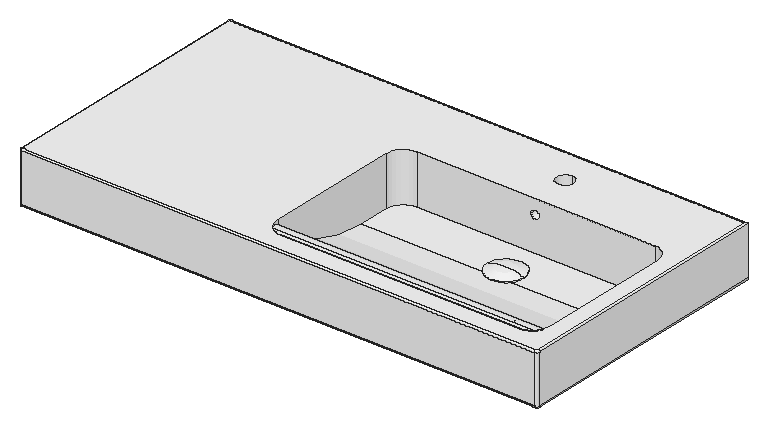
Revit family "Plum Fix_Basin_Argent_Evo_Asymmetric_900mm_RH", category Plumbing Fixtures, Revit 2016
Family settings
  Part Type = Normal
  Round Connector Dimension = Use Diameter
  OmniClass Number = 23.45.05.14.14
  OmniClass Title = Sinks/Lavatories
  Work Plane-Based = No
  Always vertical = Yes
  Cut with Voids When Loaded = Yes
  Shared = No
  Room Calculation Point = No
Parameters (values of type "1 Tap Hole - RH")
  Waste Connection = yes
  WFU = 0
  Vent Connection = no
  Uniclass2015Version = "Products v1.13"
  Uniclass2015Title = "Sinks"
  Uniclass2015Code = "Pr_40_20_96_81"
  URL = "https://www.argentaust.com.au/"
  Type Comments = "1 Tap Hole"
  ModifiedIssue_ANZRS = 20191125
  Model = "EV37MUL01"  # constant formula
  Manufacturer_URL__Product Specific = "https://www.argentaust.com.au/argent-basins-counter-top-wall-mounted-evo-900-asymmetric-basin-right?item=10738"
  Manufacturer_Spec Code = Model  # "EV37MUL01"
  Manufacturer_Overall Width = 905 mm  # constant formula
  Manufacturer_Overall Height = 90 mm  # constant formula
  Manufacturer_Overall Depth = 460 mm  # constant formula
  Manufacturer_Height From FFL [instance] = 900 mm
  Manufacturer = "Argent"  # constant formula
  Keynote = ""
  IfcExportType = "SINK"
  IfcExportAs = "IfcSanitaryTerminalType"
  HWFU = 0
  HW Connection = no
  CreatedBy_ANZRS = "IGS BIM Solutions"  # constant formula
  CreatedByURL_ANZRS = "https://igsgroup.com.au"
  Description = "Evo 900mm asymmetric basin"  # constant formula
  Cost = 0
  CWFU = 0
  CW Connection = no
  Body Material = z_Argent_Ceramic White
  Assembly Code = ""
Reference planes
  plane 1 "Center (Front/Back)": y = -137.5
  plane 2 "Ref. Level": z = 0
  plane 3 "Front": y = -367.5
  plane 4 "Back": y = 92.5
  plane 5 "Right": x = -1.98
  plane 6 "Left": x = -906.98
  plane 7 "Top": z = 990
  plane 8 "Bottom": z = 900
  plane 9 "Center (Left/Right)": x = -454.48
  plane 10 "Drain Top": z = 912.5
Forms (mm)
  Sweep 1, solid, material "z_Argent_Ceramic White" <- "Body Material"
    path origin (0, 0, 990) x (0, -1, 0) y (1, 0, 0)
      loop
        line (-92.5, -906.98) -> (362.5, -906.98)
        arc (362.5, -906.98) -> (366.036, -905.516) -> (367.5, -901.98) r 5
        line (367.5, -901.98) -> (367.5, -6.98)
        arc (367.5, -6.98) -> (366.036, -3.444) -> (362.5, -1.98) r 5
        line (362.5, -1.98) -> (-92.5, -1.98) -> (-92.5, -906.98)
    profile origin (-454.48, 92.5, 990) x (0, 1, 0) y (0, 0, 1)
      loop
        line (-3, 0) -> (-4, 0) -> (-4, -90) -> (-3, -90)
        arc (-3, -90) -> (-0.879, -89.121) -> (0, -87) r 3
        line (0, -87) -> (0, -3)
        arc (0, -3) -> (-0.879, -0.879) -> (-3, 0) r 3
  Extrusion 2, solid, material "z_Argent_Ceramic White" <- "Body Material"
    sketch origin (0, 0, 990) x (0, -1, 0) y (1, 0, 0)
      loop
        line (363.5, -901.98) -> (363.5, -6.98)
        arc (363.5, -6.98) -> (363.207, -6.273) -> (362.5, -5.98) r 1
        line (362.5, -5.98) -> (-88.5, -5.98) -> (-88.5, -902.98) -> (362.5, -902.98)
        arc (362.5, -902.98) -> (363.207, -902.687) -> (363.5, -901.98) r 1
      loop
        line (37.5, -61.98) -> (37.5, -476.98)
        arc (37.5, -476.98) -> (46.287, -498.193) -> (67.5, -506.98) r 30
        line (67.5, -506.98) -> (302.5, -506.98)
        arc (302.5, -506.98) -> (323.713, -498.193) -> (332.5, -476.98) r 30
        line (332.5, -476.98) -> (332.5, -61.98)
        arc (332.5, -61.98) -> (323.713, -40.767) -> (302.5, -31.98) r 30
        line (302.5, -31.98) -> (67.5, -31.98)
        arc (67.5, -31.98) -> (46.287, -40.767) -> (37.5, -61.98) r 30
    from 0 to -90
  Extrusion 3, solid, material "z_Argent_Ceramic White" <- "Body Material"
    sketch origin (-906.98, 0, 90) x (0, 1, 0) y (0, 0, -1)
      loop
        line (-37.5, -810) -> (-121.5, -810)
        arc (-121.5, -810) -> (-220.797, -830.148) -> (-304.389, -887.404) r 254.764
        arc (-304.389, -887.404) -> (-312.591, -893.023) -> (-322.335, -895) r 25
        line (-322.335, -895) -> (-332.5, -895) -> (-332.5, -900) -> (-322.93, -900)
        arc (-322.93, -900) -> (-311.266, -897.64) -> (-301.438, -890.931) r 30
        arc (-301.438, -890.931) -> (-219.151, -834.76) -> (-121.5, -815) r 251.17
        line (-121.5, -815) -> (-37.5, -815) -> (-37.5, -810)
    from -875 to -400
  Extrusion 4, void
    sketch origin (0, 0, 990) x (0, -1, 0) y (1, 0, 0)
      loop
        line (332.5, -61.98) -> (332.5, -31.98) -> (302.5, -31.98)
        arc (302.5, -31.98) -> (323.713, -40.767) -> (332.5, -61.98) r 30
    from 0 to -5
  Extrusion 5, void
    sketch origin (0, 0, 990) x (0, -1, 0) y (1, 0, 0)
      loop
        arc (332.5, -476.98) -> (323.713, -498.193) -> (302.5, -506.98) r 30
        line (302.5, -506.98) -> (332.5, -506.98) -> (332.5, -476.98)
    from 0 to -5
  Extrusion 6, void
    sketch origin (0, 0, 990) x (0, -1, 0) y (1, 0, 0)
      loop
        circle (102.5, -269.48) r 16
    from -72.59 to -102.005
  Extrusion 7, void
    sketch origin (0, 0, 990) x (0, -1, 0) y (1, 0, 0)
      loop
        circle (-27.5, -269.48) r 15
    from 0 to -90
  Extrusion 8, void
    sketch origin (0, 0, 990) x (0, -1, 0) y (1, 0, 0)
      loop
        line (-92.5, -906.98) -> (362.5, -906.98)
        arc (362.5, -906.98) -> (366.036, -905.516) -> (367.5, -901.98) r 5
        line (367.5, -901.98) -> (367.5, -6.98)
        arc (367.5, -6.98) -> (366.036, -3.444) -> (362.5, -1.98) r 5
        line (362.5, -1.98) -> (-92.5, -1.98) -> (-92.5, -906.98)
    from 0 to -90
  Extrusion 9, void
    sketch origin (0, -367.5, 90) x (-1, 0, 0) y (0, 0, -1)
      loop
        circle (269.48, -875) r 7.5
    from -386.554 to -330
Cuts and joins
  Extrusion 4, Extrusion 5, Extrusion 7 cuts Sweep 1
  Extrusion 6, Extrusion 7, Extrusion 9 cuts Extrusion 2
  joined: Sweep 1, Extrusion 2
  Extrusion 4, Extrusion 5, Extrusion 6 cuts Extrusion 3
Lines and regions (mm)
  Masking region 1
    outline origin (0, 0, 990) x (0, -1, 0) y (1, 0, 0)
      loop
        line (-92.5, -906.98) -> (362.5, -906.98)
        arc (362.5, -906.98) -> (366.036, -905.516) -> (367.5, -901.98) r 5
        line (367.5, -901.98) -> (367.5, -6.98)
        arc (367.5, -6.98) -> (366.036, -3.444) -> (362.5, -1.98) r 5
        line (362.5, -1.98) -> (-92.5, -1.98) -> (-92.5, -906.98)
  Masking region 2
    outline origin (-1.98, 0, 0) x (0, 1, 0) y (0, 0, 1)
      loop
        arc (-364.5, 990) -> (-366.621, 989.121) -> (-367.5, 987) r 3
        line (-367.5, 987) -> (-367.5, 903)
        arc (-367.5, 903) -> (-366.621, 900.879) -> (-364.5, 900) r 3
        line (-364.5, 900) -> (89.5, 900)
        arc (89.5, 900) -> (91.621, 900.879) -> (92.5, 903) r 3
        line (92.5, 903) -> (92.5, 987)
        arc (92.5, 987) -> (91.621, 989.121) -> (89.5, 990) r 3
        line (89.5, 990) -> (-364.5, 990)
  Masking region 3
    outline origin (0, -367.5, 90) x (-1, 0, 0) y (0, 0, 1)
      loop
        line (903.98, 900) -> (4.98, 900)
        arc (4.98, 900) -> (2.859, 899.121) -> (1.98, 897) r 3
        line (1.98, 897) -> (1.98, 813)
        arc (1.98, 813) -> (2.859, 810.879) -> (4.98, 810) r 3
        line (4.98, 810) -> (903.98, 810)
        arc (903.98, 810) -> (906.101, 810.879) -> (906.98, 813) r 3
        line (906.98, 813) -> (906.98, 897)
        arc (906.98, 897) -> (906.101, 899.121) -> (903.98, 900) r 3
  symbolic lines, detail levels fine
    curve 1: arc (-1.98, -137.5, 903) -> (-2.859, -137.5, 900.879) -> (-4.98, -137.5, 900) r 3
    curve 2: arc (-903.98, -137.5, 900) -> (-906.101, -137.5, 900.879) -> (-906.98, -137.5, 903) r 3
  symbolic lines, style "Basins/Sinks/Tubs", detail levels medium+fine
    curve 3: line (-61.98, -37.5, 990) -> (-476.98, -37.5, 990)
    curve 4: arc (-476.98, -37.5, 990) -> (-498.193, -46.287, 990) -> (-506.98, -67.5, 990) r 30
    curve 5: line (-506.98, -67.5, 990) -> (-506.98, -302.5, 990)
    curve 6: arc (-506.98, -302.5, 990) -> (-498.193, -323.713, 990) -> (-476.98, -332.5, 990) r 30
    curve 7: line (-476.98, -332.5, 990) -> (-61.98, -332.5, 990)
    curve 8: arc (-61.98, -332.5, 990) -> (-40.767, -323.713, 990) -> (-31.98, -302.5, 990) r 30
    curve 9: line (-31.98, -302.5, 990) -> (-31.98, -67.5, 990)
    curve 10: arc (-31.98, -67.5, 990) -> (-40.767, -46.287, 990) -> (-61.98, -37.5, 990) r 30
    curve 11: circle (-269.48, 27.5, 990) r 15 normal (0, 0, 1)
  symbolic lines, style "Basins/Sinks/Tubs", detail levels fine
    curve 12: circle (-269.48, -102.5, 990) r 31.83 normal (0, 0, -1)
Text (mm)
  text "Disclaimer:\n\nDue to ongoing product development and manufacturing evolution, product details are subject to change without notice. Please refer to product technical data sheets on the manufacturer’s website for the most current product information. Please allow a +/- 5mm manufacturing tolerance for dimensions and set-outs shown in product literature." at (80.42, 18.661, 0), in view "Ref. Level_Instruction"
Dimensions and locks
  equal spacing: plane 3 "Front", plane 1 "Center (Front/Back)", plane 4 "Back"
  "Manufacturer_Overall Depth": plane 3 "Front" to plane 4 "Back"
  "Manufacturer_Height From FFL": plane 8 "Bottom" to plane 2 "Ref. Level"
  "Manufacturer_Overall Height": plane 7 "Top" to plane 8 "Bottom"
  "Manufacturer_Overall Width": plane 6 "Left" to plane 5 "Right"
  equal spacing: plane 6 "Left", plane 9 "Center (Left/Right)", plane 5 "Right"
  locked: plane 10 "Drain Top" to plane 8 "Bottom" at 12.5
  aligned and locked: plane 4 "Back" to Sweep 1 sketch curve
  aligned and locked: plane 6 "Left" to Sweep 1 sketch curve
  aligned and locked: Sweep 1 sketch curve to plane 3 "Front"
  aligned and locked: Sweep 1 sketch curve to plane 5 "Right"
  aligned and locked: profile plane to Sweep 1 sketch curve
  aligned and locked: Sweep 1 sketch curve to profile plane
  aligned and locked: Sweep 1 sketch curve to plane 8 "Bottom"
  aligned and locked: plane 7 "Top" to Masking region 3
  aligned and locked: Masking region 3 to plane 8 "Bottom"
  aligned and locked: nested 1 to plane 10 "Drain Top"
Automatic sketch dimensions
  curve 2 to plane 6 "Left" = 0 mm
  curve 2 to plane 8 "Bottom" = 0 mm
  curve 1 to plane 8 "Bottom" = 0 mm
  curve 1 to plane 5 "Right" = 0 mm
  plane 6 "Left" to curve 2 = 3 mm
  curve 1 to curve 1 = 3 mm
  plane 4 "Back" to curve 11 = 65 mm
  curve 3 to plane 1 "Center (Front/Back)" = 100 mm
  plane 9 "Center (Left/Right)" to curve 4 = 22.5 mm
  curve 4 to curve 4 = 30 mm
  curve 10 to curve 10 = 30 mm
  curve 12 to plane 1 "Center (Front/Back)" = 35 mm
  plane 9 "Center (Left/Right)" to curve 6 = 22.5 mm
  curve 6 to plane 3 "Front" = 65 mm
  curve 9 to curve 7 = 30 mm
  curve 11 to plane 9 "Center (Left/Right)" = 185 mm
  curve 3 to plane 5 "Right" = 60 mm
  Sweep 1 sketch curve to plane 3 "Front" = 5 mm  (x2)
  Sweep 1 sketch curve to plane 7 "Top" = 3 mm
  profile plane to Sweep 1 sketch curve = 3 mm
  Sweep 1 sketch curve to Sweep 1 sketch curve = 1 mm
  plane 4 "Back" to Extrusion 2 sketch curve = 4 mm
  plane 9 "Center (Left/Right)" to Extrusion 2 sketch curve = 22.5 mm  (x2)
  Extrusion 2 sketch curve to plane 1 "Center (Front/Back)" = 100 mm
  Extrusion 2 sketch curve to Extrusion 2 sketch curve = 30 mm  (x3)
  Extrusion 2 sketch curve to plane 3 "Front" = 65 mm
  Extrusion 2 sketch curve to plane 3 "Front" = 5 mm  (x2)
  Extrusion 2 sketch curve to Extrusion 2 sketch curve = 1 mm
  plane 6 "Left" to Extrusion 2 sketch curve = 5 mm
  Extrusion 2 sketch curve to plane 5 "Right" = 60 mm
  Extrusion 2 sketch curve to plane 5 "Right" = 5 mm
  plane 4 "Back" to Masking region 1 sketch curve = 0 mm
  Masking region 1 sketch curve to plane 6 "Left" = 0 mm
  Masking region 1 sketch curve to plane 5 "Right" = 0 mm
  plane 3 "Front" to Masking region 1 sketch curve = 0 mm
  Masking region 1 sketch curve to plane 3 "Front" = 5 mm  (x2)
  Masking region 2 sketch curve to plane 3 "Front" = 0 mm
  Masking region 2 sketch curve to plane 8 "Bottom" = 0 mm
  Masking region 2 sketch curve to plane 7 "Top" = 0 mm
  Masking region 2 sketch curve to plane 4 "Back" = 0 mm
  Masking region 2 sketch curve to plane 3 "Front" = 3 mm
  Masking region 2 sketch curve to Masking region 2 sketch curve = 3 mm
  plane 4 "Back" to Masking region 2 sketch curve = 3 mm  (x2)
  Masking region 3 sketch curve to plane 5 "Right" = 0 mm
  plane 8 "Bottom" to Masking region 3 sketch curve = 0 mm
  plane 7 "Top" to Masking region 3 sketch curve = 0 mm
  Masking region 3 sketch curve to plane 6 "Left" = 0 mm
  Masking region 3 sketch curve to plane 5 "Right" = 3 mm  (x2)
  plane 6 "Left" to Masking region 3 sketch curve = 3 mm  (x2)
  Extrusion 3 sketch curve to plane 7 "Top" = 0 mm
  Extrusion 3 sketch curve to plane 8 "Bottom" = 0 mm
  Extrusion 3 sketch curve to plane 3 "Front" = 35 mm
  Extrusion 3 sketch curve to Extrusion 3 sketch curve = 9.57 mm
  Extrusion 3 sketch curve to Extrusion 3 sketch curve = 0.594 mm
  Extrusion 3 sketch curve to plane 1 "Center (Front/Back)" = 16 mm
  Extrusion 3 sketch curve to Extrusion 3 sketch curve = 0 mm  (x2)
  plane 8 "Bottom" to Extrusion 3 sketch curve = 5 mm
  Extrusion 3 sketch curve to Extrusion 3 sketch curve = 84 mm
  plane 7 "Top" to Extrusion 3 sketch curve = 164.764 mm
  Extrusion 3 sketch curve to Extrusion 3 sketch curve = 1.406 mm
  Extrusion 3 sketch curve to Extrusion 3 sketch curve = 5 mm
  Extrusion 3 sketch curve to Extrusion 3 sketch curve = 25 mm
  plane 4 "Back" to Extrusion 7 sketch curve = 65 mm
  Extrusion 7 sketch curve to plane 9 "Center (Left/Right)" = 185 mm
  plane 9 "Center (Left/Right)" to Extrusion 5 sketch curve = 22.5 mm
  Extrusion 5 sketch curve to plane 3 "Front" = 65 mm
  Extrusion 5 sketch curve to Extrusion 5 sketch curve = 30 mm  (x2)
  Extrusion 5 sketch curve to Extrusion 5 sketch curve = 0 mm  (x3)
  Extrusion 4 sketch curve to plane 3 "Front" = 65 mm
  Extrusion 4 sketch curve to Extrusion 4 sketch curve = 30 mm
  Extrusion 4 sketch curve to plane 5 "Right" = 60 mm
  Extrusion 4 sketch curve to plane 5 "Right" = 30 mm
  Extrusion 4 sketch curve to Extrusion 4 sketch curve = 0 mm  (x3)
  Extrusion 6 sketch curve to plane 1 "Center (Front/Back)" = 35 mm
  Extrusion 6 sketch curve to plane 9 "Center (Left/Right)" = 185 mm
  plane 4 "Back" to Extrusion 8 sketch curve = 0 mm
  Extrusion 8 sketch curve to plane 5 "Right" = 0 mm
  Extrusion 8 sketch curve to plane 6 "Left" = 0 mm
  plane 3 "Front" to Extrusion 8 sketch curve = 0 mm
  Extrusion 8 sketch curve to plane 3 "Front" = 5 mm  (x2)
  plane 7 "Top" to Extrusion 9 sketch curve = 25 mm
  plane 9 "Center (Left/Right)" to Extrusion 9 sketch curve = 185 mm
  curve 12 to curve 11 = 0 mm
  radius of curve 12 = 31.83 mm
  radius of Extrusion 7 sketch curve = 15 mm
  radius of Extrusion 6 sketch curve = 16 mm
  radius of Extrusion 9 sketch curve = 7.5 mm
  radius of curve 11 = 15 mm
Nested families
  nested 1: "z.PlumFix_Waste_32mm Pop-up" at (-273.96, -163.25, 905.5) x (-1, 0, 0) z (0, 0, 1), type "Chrome"
    with Manufacturer_Height From FFL 0 mm
Connectors
  piping at (-269.48, -102.5, 836.7), diameter 32, driven by "Waste Connection"
    settings: on nested 1, index 1, connector inside diameter 609.6 mm, connector length 0 mm, flow factor 0, pipe flow 0.000 L/s, pressure drop 0.0 Pa, fitting loss kfactor 0, connector angle 0.00°, fixture units 0, engagement length 0 mm, angle of deflection 0.00°, flow configuration 2, flow direction 2, fitting loss method 0, system type 16, joint type 0, gender type 0, connector reference index -1, connector utility 1, adjustable connector no, is connector primary yes, connector description "Waste Outlet"
Definition of nested family "z.PlumFix_Waste_32mm Pop-up"
  Parameters (values of type "Chrome")
    Waste Connection = yes
    WFU = 0
    Vent Connection = no
    URL = "https://www.argentaust.com.au/"
    Type Comments = ""
    ModifiedIssue_ANZRS = 20180826
    Model = ""
    Manufacturer_Overall Width = 63.5 mm  # constant formula
    Manufacturer_Overall Height = 130 mm  # constant formula
    Manufacturer_Overall Depth = 63.5 mm  # constant formula
    Manufacturer_Height From FFL [instance] = 0 mm
    Manufacturer = "Argent"  # constant formula
    Keynote = ""
    HWFU = 0
    HW Connection = no
    CreatedBy_ANZRS = "IGS BIM Solutions"  # constant formula
    CreatedByURL_ANZRS = "https://www.igsgroup.com.au"
    Description = ""
    Cost = 0
    CWFU = 0
    CW Connection = yes
    Body Material = none
    Assembly Code = ""
  Reference planes
    plane 1 "Center (Front/Back)": y = 60.75
    plane 2 "Ref. Level": z = 0
    plane 3 "Front": y = 29
    plane 4 "Back": y = 92.5
    plane 5 "Center (Left/Right)": x = -4.48
    plane 6 "Left": x = -36.23
    plane 7 "Right": x = 27.27
    plane 8 "Top Offset": z = 0
    plane 9 "Top": z = 7
    plane 10 "Bottom": z = -123
    plane 11: y = 60.75
  Forms (mm)
    Revolve 1, solid, material <- "Body Material", detail levels medium+fine
      sketch origin (0, 60.75, 0) x (1, 0, 0) y (0, 0, 1)
        loop
          line (-4.48, -123) -> (-4.48, 7)
          arc (-4.48, 7) -> (-20.634, 5.492) -> (-36.23, 1.02) r 87.27
          line (-36.23, 1.02) -> (-36.23, 0) -> (-20.48, 0) -> (-20.48, -8) -> (-34.48, -8) -> (-34.48, -16) -> (-24.48, -16) -> (-24.48, -23) -> (-34.48, -23) -> (-34.48, -32) -> (-29.48, -32) -> (-29.48, -56.8) -> (-20.48, -56.8) -> (-20.48, -68.8) -> (-7.48, -68.8) -> (-7.48, -123) -> (-4.48, -123)
        axis (-4.48, -123) -> (-4.48, 7)
      angle from 0 to 360
  Lines and regions (mm)
    Masking region 1
      outline origin (-4.48, 0, 0) x (0, 1, 0) y (0, 0, 1)
        loop
          line (85.75, -56.8) -> (85.75, -32) -> (90.75, -32) -> (90.75, -23) -> (80.75, -23) -> (80.75, -16) -> (90.75, -16) -> (90.75, -8) -> (76.75, -8) -> (76.75, 0) -> (92.5, 0) -> (92.5, 1.02)
          arc (92.5, 1.02) -> (60.75, 7) -> (29, 1.02) r 87.27
          line (29, 1.02) -> (29, 0) -> (44.75, 0) -> (44.75, -8) -> (30.75, -8) -> (30.75, -16) -> (40.75, -16) -> (40.75, -23) -> (30.75, -23) -> (30.75, -32) -> (35.75, -32) -> (35.75, -56.8) -> (44.75, -56.8) -> (44.75, -68.8) -> (57.75, -68.8) -> (57.75, -123) -> (63.75, -123) -> (63.75, -68.8) -> (76.75, -68.8) -> (76.75, -56.8) -> (85.75, -56.8)
    Masking region 2
      outline origin (0, 29, 0) x (-1, 0, 0) y (0, 0, 1)
        loop
          line (20.48, -56.8) -> (29.48, -56.8) -> (29.48, -32) -> (34.48, -32) -> (34.48, -23) -> (24.48, -23) -> (24.48, -16) -> (34.48, -16) -> (34.48, -8) -> (20.48, -8) -> (20.48, 0) -> (36.23, 0) -> (36.23, 1.02)
          arc (36.23, 1.02) -> (4.48, 7) -> (-27.27, 1.02) r 87.27
          line (-27.27, 1.02) -> (-27.27, 0) -> (-11.52, 0) -> (-11.52, -8) -> (-25.52, -8) -> (-25.52, -16) -> (-15.52, -16) -> (-15.52, -23) -> (-25.52, -23) -> (-25.52, -32) -> (-20.52, -32) -> (-20.52, -56.8) -> (-11.52, -56.8) -> (-11.52, -68.8) -> (1.48, -68.8) -> (1.48, -123) -> (7.48, -123) -> (7.48, -68.8) -> (20.48, -68.8) -> (20.48, -56.8)
    symbolic lines, detail levels medium+fine
      curve 1: line (-20.48, 29, -56.8) -> (11.52, 29, -56.8)
      curve 2: line (-29.48, 29, -32) -> (20.52, 29, -32)
      curve 3: line (-24.48, 29, -23) -> (15.52, 29, -23)
      curve 4: line (-24.48, 29, -16) -> (15.52, 29, -16)
      curve 5: line (-20.48, 29, -8) -> (11.52, 29, -8)
      curve 7: line (-7.48, 29, -68.8) -> (-1.48, 29, -68.8)
      curve 8: line (-36.23, 76.75, 0) -> (-36.23, 44.75, 0)
      curve 9: line (-36.23, 76.75, -8) -> (-36.23, 44.75, -8)
      curve 10: line (-36.23, 80.75, -16) -> (-36.23, 40.75, -16)
      curve 11: line (-36.23, 80.75, -23) -> (-36.23, 40.75, -23)
      curve 12: line (-36.23, 85.75, -32) -> (-36.23, 35.75, -32)
      curve 13: line (-36.23, 76.75, -56.8) -> (-36.23, 44.75, -56.8)
      curve 14: line (-36.23, 63.75, -68.8) -> (-36.23, 57.75, -68.8)
    symbolic lines, detail levels fine
      curve 6: line (-20.48, 29, 0) -> (11.52, 29, 0)
      curve 15: line (-36.23, 92.5, 1.02) -> (-36.23, 29, 1.02)
      curve 16: line (-36.23, 29, 1.02) -> (27.27, 29, 1.02)
  Text (mm)
    text "Disclaimer:\n\nDue to ongoing product development and manufacturing evolution, product details are subject to change without notice. Please refer to product technical data sheets on the manufacturer’s website for the most current product information. Please allow a +/- 5mm manufacturing tolerance for dimensions and set-outs shown in product literature." at (200.434, 226.107, 0), in view "Ref. Level_Instruction"
  Dimensions and locks
    equal spacing: plane 3 "Front", plane 1 "Center (Front/Back)", plane 4 "Back"
    equal spacing: plane 6 "Left", plane 5 "Center (Left/Right)", plane 7 "Right"
    "Manufacturer_Overall Depth": plane 3 "Front" to plane 4 "Back"
    "Manufacturer_Overall Width": plane 6 "Left" to plane 7 "Right"
    "Manufacturer_Height From FFL": plane 8 "Top Offset" to plane 2 "Ref. Level"
    locked: plane 9 "Top" to plane 8 "Top Offset" at 7
    "Manufacturer_Overall Height": plane 9 "Top" to plane 10 "Bottom"
    aligned and locked: plane 6 "Left" to Revolve 1 sketch curve
  Automatic sketch dimensions
    curve 16 to plane 7 "Right" = 0 mm
    curve 6 to plane 8 "Top Offset" = 0 mm
    curve 16 to plane 6 "Left" = 0 mm
    curve 6 to curve 5 = 0 mm  (x2)
    curve 7 to plane 5 "Center (Left/Right)" = 3 mm
    plane 5 "Center (Left/Right)" to curve 1 = 16 mm
    curve 5 to plane 6 "Left" = 15.75 mm
    curve 3 to plane 6 "Left" = 11.75 mm
    curve 2 to plane 6 "Left" = 6.75 mm
    plane 8 "Top Offset" to curve 5 = 8 mm
    curve 3 to curve 4 = 7 mm
    curve 1 to curve 2 = 24.8 mm
    curve 16 to plane 8 "Top Offset" = 1.02 mm
    curve 15 to plane 3 "Front" = 0 mm
    curve 8 to plane 8 "Top Offset" = 0 mm
    curve 15 to plane 4 "Back" = 0 mm
    plane 1 "Center (Front/Back)" to curve 14 = 3 mm
    curve 13 to plane 1 "Center (Front/Back)" = 16 mm
    plane 4 "Back" to curve 9 = 15.75 mm
    curve 8 to curve 9 = 0 mm  (x2)
    plane 4 "Back" to curve 11 = 11.75 mm
    plane 4 "Back" to curve 12 = 6.75 mm
    curve 9 to plane 8 "Top Offset" = 8 mm
    curve 11 to curve 10 = 7 mm
    curve 13 to curve 12 = 24.8 mm
    plane 8 "Top Offset" to curve 15 = 1.02 mm
    Revolve 1 sketch curve to level = 0 mm
    Revolve 1 sketch curve to plane 10 "Bottom" = 0 mm
    Revolve 1 sketch curve to plane 5 "Center (Left/Right)" = 0 mm  (x2)
    Revolve 1 sketch curve to plane 9 "Top" = 0 mm
    plane 6 "Left" to Revolve 1 sketch curve = 1.75 mm  (x2)
    plane 6 "Left" to Revolve 1 sketch curve = 6.75 mm
    Revolve 1 sketch curve to Revolve 1 sketch curve = 10 mm
    Revolve 1 sketch curve to Revolve 1 sketch curve = 9 mm  (x2)
    Revolve 1 sketch curve to Revolve 1 sketch curve = 4 mm
    Revolve 1 sketch curve to Revolve 1 sketch curve = 12 mm
    Revolve 1 sketch curve to Revolve 1 sketch curve = 24.8 mm
    Revolve 1 sketch curve to Revolve 1 sketch curve = 7 mm
    Revolve 1 sketch curve to level = 8 mm
    plane 9 "Top" to Revolve 1 sketch curve = 249.25 mm
    Revolve 1 sketch curve to Revolve 1 sketch curve = 180 mm
    Revolve 1 sketch curve to Revolve 1 sketch curve = 11.47 mm
    Revolve 1 sketch curve to Revolve 1 sketch curve = 3 mm
    Revolve 1 sketch curve to Revolve 1 sketch curve = 42.73 mm
    Masking region 2 sketch curve to level = 0 mm  (x2)
    plane 7 "Right" to Masking region 2 sketch curve = 0 mm
    Masking region 2 sketch curve to plane 10 "Bottom" = 0 mm
    Masking region 2 sketch curve to plane 5 "Center (Left/Right)" = 0 mm
    Masking region 2 sketch curve to plane 6 "Left" = 0 mm
    plane 7 "Right" to Masking region 2 sketch curve = 1.75 mm  (x2)
    Masking region 2 sketch curve to Masking region 2 sketch curve = 5 mm
    Masking region 2 sketch curve to Masking region 2 sketch curve = 10 mm
    Masking region 2 sketch curve to Masking region 2 sketch curve = 4 mm  (x2)
    Masking region 2 sketch curve to Masking region 2 sketch curve = 9 mm  (x3)
    plane 5 "Center (Left/Right)" to Masking region 2 sketch curve = 3 mm
    Masking region 2 sketch curve to plane 5 "Center (Left/Right)" = 3 mm
    Masking region 2 sketch curve to Masking region 2 sketch curve = 15.75 mm
    plane 6 "Left" to Masking region 2 sketch curve = 15.75 mm
    plane 6 "Left" to Masking region 2 sketch curve = 6.75 mm
    plane 6 "Left" to Masking region 2 sketch curve = 1.75 mm  (x2)
    plane 10 "Bottom" to Masking region 2 sketch curve = 42.73 mm
    Masking region 2 sketch curve to Masking region 2 sketch curve = 11.47 mm
    Masking region 2 sketch curve to Masking region 2 sketch curve = 0 mm
    Masking region 2 sketch curve to Masking region 2 sketch curve = 12 mm  (x2)
    Masking region 2 sketch curve to Masking region 2 sketch curve = 24.8 mm  (x2)
    Masking region 2 sketch curve to Masking region 2 sketch curve = 7 mm  (x2)
    Masking region 2 sketch curve to level = 8 mm  (x2)
    Masking region 2 sketch curve to Masking region 2 sketch curve = 1.02 mm
    curve 4 to curve 3 = 0 mm  (x2)
    curve 4 to curve 5 = 4 mm
    Masking region 1 sketch curve to level = 0 mm  (x2)
    Masking region 1 sketch curve to plane 3 "Front" = 0 mm
    Masking region 1 sketch curve to plane 10 "Bottom" = 0 mm
    Masking region 1 sketch curve to plane 1 "Center (Front/Back)" = 0 mm
    Masking region 1 sketch curve to plane 4 "Back" = 0 mm
    Masking region 1 sketch curve to plane 3 "Front" = 1.75 mm  (x2)
    Masking region 1 sketch curve to Masking region 1 sketch curve = 5 mm
    Masking region 1 sketch curve to Masking region 1 sketch curve = 10 mm
    Masking region 1 sketch curve to Masking region 1 sketch curve = 4 mm  (x2)
    Masking region 1 sketch curve to Masking region 1 sketch curve = 9 mm  (x3)
    plane 1 "Center (Front/Back)" to Masking region 1 sketch curve = 3 mm
    Masking region 1 sketch curve to plane 1 "Center (Front/Back)" = 3 mm
    plane 4 "Back" to Masking region 1 sketch curve = 15.75 mm  (x2)
    plane 4 "Back" to Masking region 1 sketch curve = 6.75 mm
    plane 4 "Back" to Masking region 1 sketch curve = 1.75 mm  (x2)
    plane 10 "Bottom" to Masking region 1 sketch curve = 42.73 mm
    Masking region 1 sketch curve to Masking region 1 sketch curve = 11.47 mm
    Masking region 1 sketch curve to Masking region 1 sketch curve = 0 mm
    Masking region 1 sketch curve to Masking region 1 sketch curve = 12 mm  (x2)
    Masking region 1 sketch curve to Masking region 1 sketch curve = 24.8 mm  (x2)
    Masking region 1 sketch curve to Masking region 1 sketch curve = 7 mm  (x2)
    Masking region 1 sketch curve to level = 8 mm  (x2)
    Masking region 1 sketch curve to Masking region 1 sketch curve = 1.02 mm
    curve 14 to plane 1 "Center (Front/Back)" = 3 mm
    curve 10 to curve 11 = 0 mm  (x2)
    curve 10 to curve 9 = 4 mm
    curve 13 to plane 3 "Front" = 15.75 mm
    curve 14 to curve 13 = 12 mm
    curve 10 to curve 9 = 8 mm
    curve 12 to plane 3 "Front" = 6.75 mm
    curve 12 to curve 11 = 5 mm
    curve 12 to curve 11 = 9 mm
    curve 4 to plane 7 "Right" = 11.75 mm
    curve 2 to curve 3 = 9 mm
    curve 2 to plane 7 "Right" = 6.75 mm
    curve 1 to plane 7 "Right" = 15.75 mm
    curve 7 to curve 1 = 12 mm
    plane 5 "Center (Left/Right)" to curve 7 = 3 mm
    curve 4 to curve 5 = 8 mm
